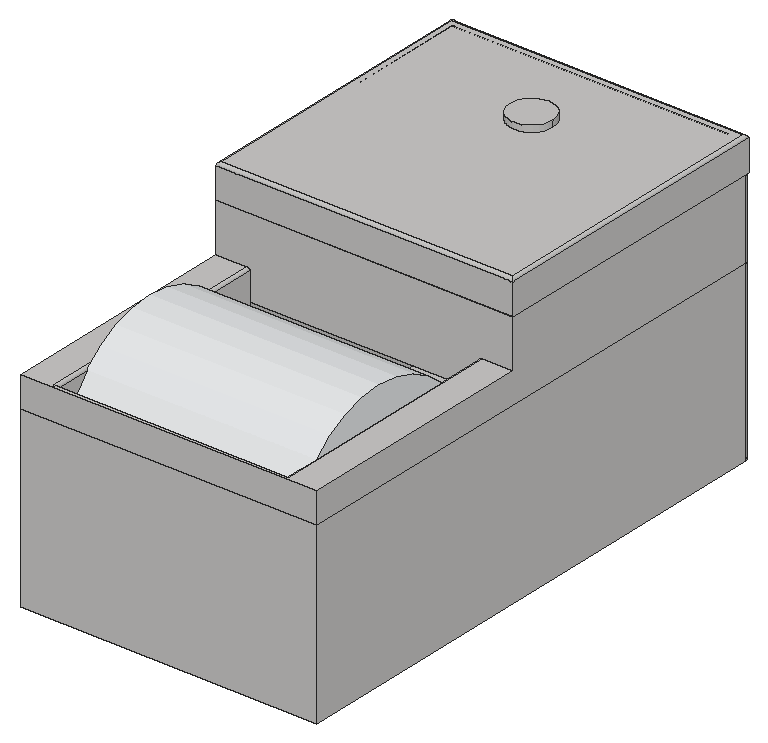
Revit family "RBA BIM - B2888", category Specialty Equipment, host Face, Revit 2013
Parameters (values of type "B-2888")
  URL = "www.rba.com.au"
  Type Comments = "Satin Finish"
  Product Page URL = ""
  Model = "B-2888"
  Manufacturer = "RBA Group"
  Lock Radius = 0.011113 m  # constant formula
  Finish Material = Stainless Steel - Bobrick - Satin
  Description = "Surface-Mounted Multi-Roll Toilet Tissue Dispenser"
  Default Elevation = 0.7112 m
  Assembly Code = "C1030200"
  ADA Compliant = yes
Reference planes (m)
  plane 1 "Center (Front/Back)": y = 0
  plane 2: z = 0
  plane 3 "Center (Left/Right)": x = 0
  plane 4 "Left": x = -0.076994
  plane 5 "Right": x = 0.076994
  plane 6 "Top": y = 0.1397
  plane 7 "Bottom": y = -0.1397
  plane 8: x = -0.059531
  plane 9: x = 0.059531
  plane 10: y = -0.017463
  plane 11: y = -0.138113
  plane 12: x = -0.075406
  plane 13: x = 0.075406
  plane 14: y = 0.138112
  plane 15: y = -0.0127
  plane 16: z = 0.150812
  plane 17: z = 0.092075
  plane 18: z = 0.149225
  plane 19: z = 0.001587
  plane 20: z = 0.13335
  plane 21: z = 0.093662
  plane 22: z = 0.10795
  plane 23: y = 0.09525
  plane 24: z = 0.153987
  plane 25: y = -0.077788
  plane 26: z = 0.066675
Forms (m)
  Extrusion 1, solid, material "Stainless Steel - Bobrick - Satin" <- "Finish Material"
    sketch origin (0, 0, 0) x (1, 0, 0) y (0, 1, 0)
      loop
        arc (-0.075406, 0.1397) -> (-0.076529, 0.139235) -> (-0.076994, 0.138112) r 0.001588
        line (-0.076994, 0.138112) -> (-0.076994, -0.1397) -> (0.076994, -0.1397) -> (0.076994, 0.138123)
        arc (0.076994, 0.138123) -> (0.076532, 0.139238) -> (0.075417, 0.1397) r 0.001577
        line (0.075417, 0.1397) -> (-0.075406, 0.1397)
      loop
        line (-0.075406, 0.138112) -> (-0.075406, -0.138113) -> (0.075406, -0.138113) -> (0.075406, 0.138112) -> (-0.075406, 0.138112)
    from 0 to 0.092075
  Extrusion 2, solid, material "Stainless Steel - Bobrick - Satin" <- "Finish Material"
    sketch origin (0, 0, 0) x (1, 0, 0) y (0, 1, 0)
      loop
        line (-0.076994, 0.138112) -> (-0.076994, -0.1397) -> (0.076994, -0.1397) -> (0.076994, 0.138123)
        arc (0.076994, 0.138123) -> (0.076532, 0.139238) -> (0.075417, 0.1397) r 0.001577
        line (0.075417, 0.1397) -> (-0.075406, 0.1397)
        arc (-0.075406, 0.1397) -> (-0.076529, 0.139235) -> (-0.076994, 0.138112) r 0.001588
    from 0 to 0.001587
  Sweep 3, solid, material "Stainless Steel - Bobrick - Satin" <- "Finish Material"
    path origin (0, 0, 0) x (1, 0, 0) y (0, 1, 0)
      loop
        line (-0.076994, 0.1397) -> (-0.076994, -0.0127) -> (0.076994, -0.0127) -> (0.076994, 0.1397) -> (-0.076994, 0.1397)
    profile origin (0, 0.1397, 0) x (0, 1, 0) y (0, 0, 1)
      loop
        line (0, 0.13335) -> (0, 0.149225)
        arc (0, 0.149225) -> (-0.000465, 0.150348) -> (-0.001588, 0.150812) r 0.001588
        line (-0.001588, 0.150812) -> (-0.007938, 0.150812) -> (-0.007938, 0.149225) -> (-0.003175, 0.149225)
        arc (-0.003175, 0.149225) -> (-0.002052, 0.14876) -> (-0.001588, 0.147637) r 0.001588
        line (-0.001588, 0.147637) -> (-0.001587, 0.13335) -> (0, 0.13335)
  Extrusion 4, solid, material "Stainless Steel - Bobrick - Satin" <- "Finish Material"
    sketch origin (0, 0, 0) x (1, 0, 0) y (0, 1, 0)
      loop
        line (-0.069056, 0.131762) -> (-0.069056, -0.004763) -> (0.069056, -0.004763) -> (0.069056, 0.131762) -> (-0.069056, 0.131762)
    from 0.149225 to 0.150812
  Extrusion 5, solid, material "Stainless Steel - Bobrick - Satin" <- "Finish Material"
    sketch origin (0, 0, 0) x (1, 0, 0) y (0, 1, 0)
      loop
        arc (-0.075406, 0.1397) -> (-0.076529, 0.139235) -> (-0.076994, 0.138112) r 0.001588
        line (-0.076994, 0.138112) -> (-0.076994, -0.0127) -> (0.076994, -0.0127) -> (0.076994, 0.138123)
        arc (0.076994, 0.138123) -> (0.076532, 0.139238) -> (0.075417, 0.1397) r 0.001577
        line (0.075417, 0.1397) -> (-0.075406, 0.1397)
    from 0.092075 to 0.13335
  Extrusion 6, solid, material "Stainless Steel - Bobrick - Satin" <- "Finish Material"
    sketch origin (0, 0, 0.014288) x (1, 0, 0) y (0, 0, 1)
      loop
        line (-0.075406, 0.092075) -> (-0.061377, 0.092075) -> (-0.061377, -0.0127) -> (-0.059531, -0.0127) -> (-0.059531, 0.092075)
        arc (-0.059531, 0.092075) -> (-0.059996, 0.093198) -> (-0.061119, 0.093663) r 0.001588
        line (-0.061119, 0.093663) -> (-0.075406, 0.093663) -> (-0.075406, 0.092075)
      loop
        line (0.075406, 0.092075) -> (0.075406, 0.093663) -> (0.061119, 0.093663)
        arc (0.061119, 0.093663) -> (0.059996, 0.093198) -> (0.059531, 0.092075) r 0.001588
        line (0.059531, 0.092075) -> (0.059531, -0.0127) -> (0.061377, -0.0127) -> (0.061377, 0.092075) -> (0.075406, 0.092075)
    from 0.0127 to 0.138112
  Extrusion 7, solid, material "Stainless Steel - Bobrick - Satin" <- "Finish Material"
    sketch origin (0, 0, 0) x (1, 0, 0) y (0, 1, 0)
      loop
        line (-0.077016, -0.012721) -> (-0.077016, -0.1397) -> (0.076994, -0.1397) -> (0.076994, -0.0127) -> (0.075406, -0.0127) -> (0.075406, -0.138113) -> (-0.075406, -0.138113) -> (-0.075406, -0.012721) -> (-0.077016, -0.012721)
    from 0.092075 to 0.10795
  Extrusion 8, solid, material "Stainless Steel - Bobrick - Satin" <- "Finish Material", detail levels fine
    sketch origin (0, 0, 0) x (1, 0, 0) y (0, 1, 0)
      loop
        circle (0, 0.09525) r 0.011113
    from 0.150812 to 0.153987
  Extrusion 9, solid, material "Tissue - Bobrick", detail levels medium+fine
    sketch origin (0, 0, 0) x (0, 1, 0) y (0, 0, 1)
      loop
        circle (-0.077788, 0.066675) r 0.05715
      loop
        circle (-0.077788, 0.066675) r 0.0127
    from -0.059531 to 0.059531
Cuts and joins
  joined: Sweep 3, Extrusion 4
  joined: Extrusion 5, Extrusion 6, Extrusion 7
  joined: Extrusion 1, Extrusion 2
Lines and regions (m)
  Masking region 1
    outline origin (0, 0, 0.153987) x (1, 0, 0) y (0, 1, 0)
      loop
        line (-0.077015, 0.139722) -> (-0.077015, -0.1397) -> (0.076994, -0.1397) -> (0.076994, 0.139722) -> (-0.077015, 0.139722)
  Masking region 2
    outline origin (0, 0, 0) x (1, 0, 0) y (0, 0, 1)
      loop
        line (0.076994, 0) -> (0.076994, 0.149357)
        spline (0.076994, 0.149357) -> (0.076945, 0.14956) -> (0.07688, 0.149755) -> (0.076801, 0.149939) -> (0.076708, 0.150109) -> (0.076603, 0.150264) -> (0.076486, 0.150403) -> (0.076359, 0.150523) -> (0.076223, 0.150623) -> (0.07608, 0.150702) -> (0.075932, 0.150759) -> (0.07578, 0.150794) -> (0.075626, 0.150813)
        line (0.075626, 0.150813) -> (-0.075622, 0.150805)
        spline (-0.075622, 0.150805) -> (-0.075773, 0.150793) -> (-0.075924, 0.150759) -> (-0.076071, 0.150701) -> (-0.076213, 0.150621) -> (-0.076348, 0.15052) -> (-0.076475, 0.150399) -> (-0.076593, 0.150259) -> (-0.0767, 0.150102) -> (-0.076794, 0.14993) -> (-0.076875, 0.149745) -> (-0.076942, 0.149548) -> (-0.076994, 0.149343)
        line (-0.076994, 0.149343) -> (-0.076994, 0) -> (0.076994, 0)
  Masking region 3
    outline origin (0, 0, 0) x (0, 1, 0) y (0, 0, 1)
      loop
        line (0.1397, 0) -> (0.1397, 0.149225)
        arc (0.1397, 0.149225) -> (0.139235, 0.150348) -> (0.138112, 0.150812) r 0.001588
        line (0.138112, 0.150812) -> (-0.011113, 0.150812)
        arc (-0.011113, 0.150812) -> (-0.012235, 0.150348) -> (-0.0127, 0.149225) r 0.001588
        line (-0.0127, 0.149225) -> (-0.0127, 0.10795) -> (-0.1397, 0.10795) -> (-0.1397, 0) -> (0.1397, 0)
  Masking region 4, detail levels medium+fine
    outline origin (0, 0, 0) x (0, 1, 0) y (0, 0, 1)
      loop
        arc (-0.038259, 0.10795) -> (-0.077788, 0.123825) -> (-0.117316, 0.10795) r 0.05715
        line (-0.117316, 0.10795) -> (-0.038259, 0.10795)
  symbolic lines, style "Restroom Accessories"
    curve 1: line (-0.076994, -0.017463, 0.153987) -> (-0.059531, -0.017463, 0.153987)
    curve 2: line (-0.059531, -0.017463, 0.153987) -> (-0.059531, -0.1397, 0.153987)
    curve 3: line (0.059531, -0.1397, 0.153987) -> (0.059531, -0.017463, 0.153987)
    curve 4: line (0.059531, -0.017463, 0.153987) -> (0.076994, -0.017463, 0.153987)
    curve 5: line (-0.077016, -0.012721, 0.153987) -> (0.076994, -0.012721, 0.153987)
    curve 6: line (0.075406, -0.017463, 0.153987) -> (0.075406, -0.012721, 0.153987)
    curve 7: line (-0.075406, -0.017463, 0.153987) -> (-0.075406, -0.012721, 0.153987)
    curve 12: line (0, 0.1397, 0.093662) -> (0, -0.1397, 0.093662)
    curve 13: line (0, 0.1397, 0.13335) -> (0, -0.0127, 0.13335)
  symbolic lines, style "Restroom Accessories", detail levels fine
    curve 8: arc (0.011113, 0.09525, 0.153987) -> (0, 0.106362, 0.153987) -> (-0.011112, 0.09525, 0.153987) r 0.011113
    curve 9: arc (-0.011112, 0.09525, 0.153987) -> (0, 0.084137, 0.153987) -> (0.011113, 0.09525, 0.153987) r 0.011113
  symbolic lines, style "Restroom Accessories", detail levels medium+fine
    curve 10: line (-0.059531, -0.134938, 0.153987) -> (0.059531, -0.134938, 0.153987)
    curve 11: line (-0.059531, -0.020638, 0.153987) -> (0.059531, -0.020638, 0.153987)
Dimensions and locks (m)
  equal spacing: plane 4 "Left", plane 3 "Center (Left/Right)", plane 5 "Right"
  locked: plane 4 "Left" to plane 5 "Right" at 0.153987
  equal spacing: plane 6 "Top", plane 1 "Center (Front/Back)", plane 7 "Bottom"
  locked: plane 6 "Top" to plane 7 "Bottom" at 0.2794
  locked: plane 4 "Left" to plane 8 at 0.017463
  locked: plane 9 to plane 5 "Right" at 0.017463
  locked: plane 7 "Bottom" to plane 10 at 0.122237
  locked: plane 7 "Bottom" to plane 11 at 0.001588
  locked: plane 4 "Left" to plane 12 at 0.001588
  locked: plane 13 to plane 5 "Right" at 0.001588
  locked: plane 6 "Top" to plane 14 at 0.001588
  locked: plane 6 "Top" to plane 15 at 0.1524
  locked: plane 16 to level at 0.150813
  locked: plane 16 to plane 18 at 0.001587
  locked: plane 19 to level at 0.001587
  locked: plane 16 to plane 20 at 0.017463
  locked: plane 18 to plane 17 at 0.05715
  plane 17 to level = 0.092075 m
  locked: plane 21 to plane 17 at 0.001587
  plane 22 to plane 17 = 0.015875 m
  locked: Extrusion 6 sketch curve to Extrusion 6 sketch curve at 0.001846  (x2)
  Extrusion 6 sketch curve to Extrusion 6 sketch curve = 0.001846 m
  locked: plane 24 to plane 16 at 0.003175
  locked: plane 23 to Extrusion 8 sketch curve at 0
  locked: plane 3 "Center (Left/Right)" to Extrusion 8 sketch curve at 0
  locked: plane 25 to Extrusion 9 sketch curve  (x2)
  locked: plane 26 to Extrusion 9 sketch curve at 0  (x2)
  locked: plane 22 to Extrusion 6 sketch curve at 0.001587
  locked: plane 6 "Top" to Sweep 3 sketch curve at 0.007938
  "Lock Radius": radius of Extrusion 8 sketch curve
  aligned and locked: plane 2 to host face
  aligned and locked: level to host face
  aligned and locked: Extrusion 1 sketch curve to plane 6 "Top"
  aligned and locked: Extrusion 1 sketch curve to plane 4 "Left"
  aligned and locked: Extrusion 1 sketch curve to plane 7 "Bottom"
  aligned and locked: Extrusion 1 sketch curve to plane 5 "Right"
  aligned and locked: plane 14 to Extrusion 1 sketch curve
  aligned and locked: Extrusion 1 sketch curve to plane 12
  aligned and locked: Extrusion 1 sketch curve to plane 11
  aligned and locked: plane 13 to Extrusion 1 sketch curve
  aligned and locked: Extrusion 1 to level
  aligned and locked: Extrusion 2 sketch curve to Extrusion 1  (x2)
  aligned and locked: Extrusion 2 to level
  aligned and locked: plane 19 to Extrusion 2
  aligned and locked: plane 17 to Extrusion 1
  aligned and locked: Sweep 3 sketch curve to plane 4 "Left"
  aligned and locked: Sweep 3 sketch curve to plane 15
  aligned and locked: plane 6 "Top" to Sweep 3 sketch curve
  aligned and locked: plane 16 to Sweep 3 sketch curve
  aligned and locked: plane 20 to Sweep 3 sketch curve
  aligned and locked: Sweep 3 sketch curve to plane 14
  aligned and locked: plane 18 to Sweep 3 sketch curve
  aligned and locked: Extrusion 4 sketch curve to Sweep 3  (x4)
  aligned and locked: Extrusion 4 to plane 18
  aligned and locked: plane 16 to Extrusion 4
  aligned and locked: Extrusion 5 sketch curve to cut or joined group of Sweep 3, Extrusion 4  (x2)
  aligned and locked: plane 20 to Extrusion 5
  aligned: Extrusion 5 to plane 21
  aligned and locked: Extrusion 5 to plane 17
  aligned and locked: Extrusion 6 sketch curve to plane 19
  aligned and locked: plane 19 to Extrusion 6 sketch curve
  aligned and locked: plane 22 to Extrusion 6 sketch curve
  aligned and locked: plane 9 to Extrusion 6 sketch curve
  aligned and locked: plane 8 to Extrusion 6 sketch curve
  aligned and locked: Extrusion 6 sketch curve to plane 22
  aligned and locked: Extrusion 6 sketch curve to plane 12
  aligned and locked: Extrusion 6 sketch curve to plane 13
  aligned and locked: Extrusion 7 sketch curve to cut or joined group of Sweep 3, Extrusion 4  (x2)
  aligned and locked: Extrusion 7 sketch curve to plane 13
  aligned and locked: Extrusion 7 to plane 17
  aligned and locked: plane 22 to Extrusion 7
  aligned and locked: plane 11 to Extrusion 6
  aligned and locked: Extrusion 8 to plane 16
  aligned and locked: plane 24 to Extrusion 8
  aligned and locked: plane 8 to Extrusion 9
  aligned and locked: Extrusion 9 to plane 9
  aligned and locked: Masking region 1 sketch curve to cut or joined group of Sweep 3, Extrusion 4  (x2)
  aligned and locked: plane 10 to curve 1
  aligned and locked: curve 5 to cut or joined group of Sweep 3, Extrusion 4
  aligned and locked: curve 8 to Extrusion 8
  aligned and locked: curve 9 to Extrusion 8
  aligned and locked: host face to Masking region 2 sketch curve
  aligned and locked: Masking region 2 sketch curve to plane 16
  aligned and locked: Masking region 3 sketch curve to cut or joined group of Sweep 3, Extrusion 4  (x2)
  aligned and locked: plane 21 to curve 12
  aligned and locked: curve 13 to cut or joined group of Sweep 3, Extrusion 4
  aligned and locked: Masking region 4 sketch curve to Extrusion 9
  aligned and locked: Extrusion 7 sketch curve to plane 7 "Bottom"
  aligned and locked: plane 7 "Bottom" to Extrusion 2 sketch curve
  aligned and locked: Extrusion 5 sketch curve to plane 6 "Top"
  aligned and locked: Extrusion 5 sketch curve to plane 5 "Right"
  aligned and locked: plane 11 to Extrusion 7 sketch curve
  aligned and locked: plane 12 to Extrusion 7 sketch curve
  aligned and locked: Extrusion 7 sketch curve to plane 15
  aligned and locked: cut or joined group of Extrusion 5, Extrusion 6, Extrusion 7 to plane 15
  aligned and locked: Extrusion 7 sketch curve to plane 5 "Right"
  aligned and locked: Extrusion 6 sketch curve to Extrusion 6 sketch curve
Automatic sketch dimensions
  host sketch curve to host sketch curve = 2.4384 m  (x2)
  Extrusion 1 sketch curve to plane 12 = 0.000 m
  Extrusion 1 sketch curve to plane 13 = 0.00001 m
  Sweep 3 sketch curve to plane 5 "Right" = 0.000 m
  Sweep 3 sketch curve to plane 6 "Top" = 0.000 m
  Extrusion 5 sketch curve to plane 12 = 0.000 m
  Extrusion 5 sketch curve to plane 13 = 0.00001 m
  Extrusion 6 sketch curve to plane 9 = 0.001588 m
  Extrusion 6 sketch curve to Extrusion 6 sketch curve = 0.000 m
  curve 1 to curve 7 = 0.001587 m
  curve 5 to curve 7 = 0.001609 m
  curve 3 to curve 6 = 0.015875 m
  curve 6 to curve 4 = 0.001587 m
  curve 6 to curve 5 = 0.001587 m
  curve 4 to curve 5 = 0.004741 m
  curve 11 to curve 3 = 0.003175 m
  curve 10 to curve 11 = 0.1143 m
  curve 3 to curve 10 = 0.004762 m
  curve 2 to curve 10 = 0.004762 m
  Masking region 2 sketch curve to plane 13 = 0.00022 m
  Masking region 2 sketch curve to plane 13 = 0.000198 m
  Masking region 2 sketch curve to plane 16 = 0.000008 m  (x2)
  Masking region 2 sketch curve to Masking region 2 sketch curve = 0.000023 m
  plane 18 to Masking region 2 sketch curve = 0.000132 m
  Masking region 2 sketch curve to plane 16 = 0.000 m
  Masking region 2 sketch curve to Masking region 2 sketch curve = 0.000 m  (x2)
  plane 18 to Masking region 2 sketch curve = 0.000118 m
  plane 12 to Masking region 2 sketch curve = 0.000238 m
  plane 12 to Masking region 2 sketch curve = 0.000215 m
  Masking region 2 sketch curve to Masking region 2 sketch curve = 0.000022 m
  curve 12 to plane 7 "Bottom" = 0.000 m
  curve 13 to plane 15 = 0.000 m
  curve 13 to plane 6 "Top" = 0.000 m
  curve 12 to plane 6 "Top" = 0.000 m
  Masking region 4 sketch curve to plane 22 = 0.000 m
  curve 7 to curve 1 = 0.015875 m
  curve 1 to curve 4 = 0.119062 m
  Masking region 1 sketch curve to Masking region 1 sketch curve = 0.154009 m
  Masking region 1 sketch curve to Masking region 1 sketch curve = 0.279422 m
  Masking region 3 sketch curve to plane 7 "Bottom" = 0.000 m
  Masking region 3 sketch curve to plane 22 = 0.000 m
  curve 2 to curve 9 = 0.048419 m
  plane 4 "Left" to Masking region 2 sketch curve = 0.000 m
  Masking region 2 sketch curve to plane 5 "Right" = 0.000 m
  Masking region 3 sketch curve to level = 0.000 m
  Sweep 3 sketch curve to Sweep 3 sketch curve = 0.001587 m
  Sweep 3 sketch curve to Sweep 3 sketch curve = 0.000 m
  radius of Extrusion 9 sketch curve = 0.05715 m
  radius of Extrusion 9 sketch curve = 0.0127 m
